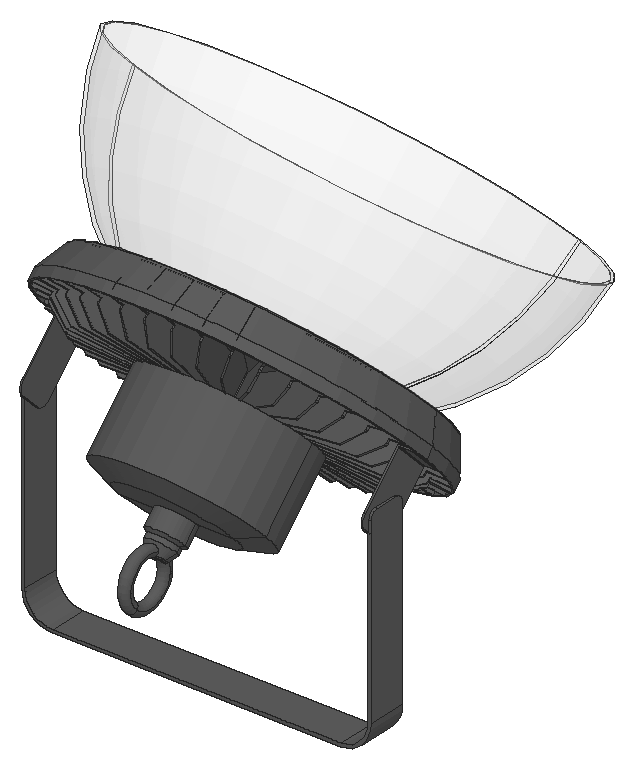
Revit family "0039352+0039355+0039361 Feilo Sylvania Lighting Fixture START HIGHBAY 6K 26KLM WIDE with BRACKET and PC LAMPSHADE TRANSPARENT", category Lighting Fixtures, host Face, Revit 2017 (continued)
Definition of nested family "Start LED Highbay Head"
  Dimensions and locks
    "RHRadius2_FEILO": plane 3 "Center (Left/Right)" to plane 32
    "RHHeight3_FEILO": plane 31 to plane 33
    "RHHeight4_FEILO": plane 33 to plane 34
    "RHRadius3_FEILO": plane 3 "Center (Left/Right)" to plane 35
    "RHHeight1_FEILO": plane 28 to plane 30
    "EyeInner_FEILO": plane 34 to plane 36
    "EyeInner_FEILO": plane 36 to plane 37
    equal spacing: plane 38, plane 3 "Center (Left/Right)", plane 39
    "EyeThickness_FEILO": plane 38 to plane 39
    "EyeThickness_FEILO": plane 37 to plane 40
    equal spacing: plane 37, plane 41, plane 40
    equal spacing: plane 6, plane 42, plane 18
    "ThicknessBracket_FEILO": plane 45 to plane 6
    "ThicknessBracket_FEILO": plane 8 to plane 44
    locked: plane 43 to plane 18 at 1
    equal spacing: plane 24, plane 46, plane 26
    equal spacing: plane 47, plane 1 "Center (Front/Back)", plane 48
    "WidthBracket_FEILO": plane 47 to plane 48
    "WidthRingChamfer_FEILO": plane 50 to plane 49
    "ThicknessWall_FEILO": plane 51 to plane 49
    equal spacing: plane 50, plane 52, plane 51
    "ThicknessBracket_FEILO": plane 54 to plane 50
    locked: plane 53 to plane 51 at 1
    "Radius_FEILO": plane 49 to plane 3 "Center (Left/Right)"
    "ShadeRadiusOut_FEILO": plane 3 "Center (Left/Right)" to plane 55
    "ShadeHeight_FEILO": plane 56 to plane 4
    "ShadeRadiusIn_FEILO": plane 3 "Center (Left/Right)" to plane 57
    locked: plane 58 to plane 57 at 8
    "ShadeThickness_FEILO": plane 60 to plane 4
    "ShadeThickness_FEILO": plane 59 to plane 55
    "EyeThicknessHalf_FEILO": radius of curve 8
    "ThicknessBracket_FEILO": radius of Extrusion 7 sketch curve  (x2)
    "ThicknessBracketHalf_FEILO": radius of Extrusion 7 sketch curve  (x2)
    "ShadeRadiusBend_FEILO": radius of curve 9
    aligned and locked: plane 2 to Extrusion 1
    aligned and locked: level to Extrusion 1
    aligned and locked: plane 5 to curve 1
    aligned and locked: plane 6 to curve 1
    aligned and locked: plane 7 to curve 1
    aligned and locked: plane 10 to curve 2
    aligned and locked: plane 9 to curve 3
    aligned and locked: plane 4 to curve 3
    aligned and locked: plane 11 to curve 3
    aligned and locked: plane 4 to curve 4
    aligned and locked: plane 18 to curve 5
    aligned and locked: plane 10 to curve 5
    aligned and locked: Revolve 2 sketch curve to plane 3 "Center (Left/Right)"
    aligned and locked: Revolve 2 sketch curve to curve 3
    aligned and locked: Revolve 2 sketch curve to curve 1
    aligned and locked: plane 4 to Revolve 2 sketch curve
    aligned and locked: plane 9 to Revolve 2 sketch curve
    aligned and locked: Revolve 2 sketch curve to plane 13
    aligned and locked: Revolve 2 sketch curve to plane 10
    aligned and locked: plane 13 to Revolve 2 sketch curve
    aligned and locked: plane 10 to Revolve 2 sketch curve
    aligned and locked: Revolve 2 sketch curve to plane 18
    aligned and locked: Revolve 2 sketch curve to plane 8
    aligned and locked: plane 5 to Revolve 2 sketch curve  (x2)
    aligned and locked: Revolve 3 sketch curve to plane 3 "Center (Left/Right)"
    aligned and locked: plane 11 to Revolve 3 sketch curve
    aligned and locked: Revolve 3 sketch curve to curve 2
    aligned and locked: plane 15 to Revolve 3 sketch curve
    aligned and locked: Revolve 3 sketch curve to plane 16
    aligned and locked: plane 17 to Revolve 3 sketch curve  (x2)
    aligned and locked: Revolve 3 sketch curve to plane 12
    aligned and locked: plane 7 to Revolve 3 sketch curve
    aligned and locked: Revolve 4 sketch curve to plane 3 "Center (Left/Right)"
    aligned and locked: Revolve 4 sketch curve to plane 14
    aligned and locked: plane 3 "Center (Left/Right)" to Revolve 4 sketch curve
    aligned and locked: Revolve 4 sketch curve to plane 12
    aligned and locked: plane 15 to Revolve 4 sketch curve
    aligned and locked: Revolve 2 sketch curve to curve 5
    aligned and locked: plane 22 to curve 6
    aligned and locked: plane 21 to curve 6
    aligned and locked: plane 20 to curve 6
    aligned and locked: plane 19 to curve 6
    aligned and locked: plane 33 to curve 7
    aligned and locked: plane 32 to curve 7
    aligned and locked: plane 35 to curve 7
    aligned and locked: plane 34 to curve 7
    aligned and locked: Revolve 5 sketch curve to plane 3 "Center (Left/Right)"
    aligned and locked: Revolve 5 sketch curve to plane 25
    aligned and locked: plane 27 to Revolve 5 sketch curve
    aligned and locked: plane 28 to Revolve 5 sketch curve
    aligned and locked: plane 30 to Revolve 5 sketch curve
    aligned and locked: Revolve 5 sketch curve to plane 29
    aligned and locked: plane 31 to Revolve 5 sketch curve
    aligned and locked: Revolve 5 sketch curve to curve 7
    aligned and locked: Revolve 5 sketch curve to plane 32
    aligned and locked: plane 34 to Revolve 5 sketch curve
    aligned and locked: plane 3 "Center (Left/Right)" to Revolve 5 sketch curve
    aligned and locked: plane 3 "Center (Left/Right)" to curve 8
    aligned and locked: plane 41 to curve 8
    aligned and locked: Revolve 6 sketch curve to plane 36
    aligned and locked: Revolve 6 sketch curve to curve 8
    aligned and locked: plane 43 to Extrusion 7 sketch curve  (x2)
    aligned and locked: plane 8 to Extrusion 7 sketch curve  (x3)
    aligned and locked: Extrusion 7 sketch curve to plane 45
    aligned and locked: Extrusion 7 sketch curve to plane 46  (x2)
    aligned and locked: plane 6 to Extrusion 7 sketch curve
    aligned and locked: Extrusion 7 sketch curve to plane 44  (x2)
    aligned and locked: Extrusion 7 to plane 48
    aligned and locked: plane 47 to Extrusion 7
    aligned and locked: plane 53 to Extrusion 7 sketch curve
    aligned and locked: plane 50 to Extrusion 7 sketch curve
    aligned and locked: Extrusion 7 sketch curve to plane 54
    aligned and locked: Extrusion 8 sketch curve to Extrusion 8 sketch curve
    aligned and locked: Extrusion 8 to plane 6
    aligned and locked: Extrusion 8 to Extrusion 7
    aligned and locked: Revolve 5 sketch curve to plane 22
    aligned and locked: plane 23 to nested 1
    aligned and locked: plane 1 "Center (Front/Back)" to nested 1
    aligned and locked: Revolve 9 sketch curve to plane 3 "Center (Left/Right)"
    aligned and locked: Revolve 9 sketch curve to plane 4
    aligned and locked: plane 6 to Revolve 9 sketch curve
    aligned and locked: plane 4 to Revolve 9 sketch curve
    aligned and locked: plane 7 to Revolve 9 sketch curve
    aligned and locked: Revolve 9 sketch curve to plane 5
    aligned and locked: plane 8 to Revolve 9 sketch curve  (x2)
    aligned and locked: Revolve 9 sketch curve to plane 19
    aligned and locked: plane 20 to Revolve 9 sketch curve
    aligned and locked: plane 19 to Revolve 9 sketch curve
    aligned and locked: plane 21 to Revolve 9 sketch curve
    aligned and locked: plane 22 to Revolve 9 sketch curve  (x2)
    aligned and locked: Revolve 9 sketch curve to Revolve 9 sketch curve
    aligned and locked: imposter light to plane 4
    aligned and locked: plane 3 "Center (Left/Right)" to imposter light
    aligned and locked: imposter light to plane 1 "Center (Front/Back)"
    aligned and locked: plane 55 to curve 9
    aligned and locked: plane 56 to curve 9
    aligned and locked: plane 57 to curve 9
    aligned and locked: plane 4 to curve 9
    aligned and locked: Revolve 10 sketch curve to curve 9
    aligned and locked: plane 58 to Revolve 10 sketch curve
    aligned and locked: plane 57 to Revolve 10 sketch curve
    aligned and locked: plane 56 to Revolve 10 sketch curve  (x2)
    aligned and locked: Revolve 10 sketch curve to plane 58
    aligned and locked: plane 60 to Revolve 10 sketch curve
  Automatic sketch dimensions
    Extrusion 1 sketch curve to Extrusion 1 sketch curve = 2438.4 mm  (x2)
    Revolve 2 sketch curve to plane 6 = 0.299 mm
    plane 6 to Revolve 2 sketch curve = 0.459 mm
    Revolve 2 sketch curve to level = 609.6 mm
    Revolve 2 sketch curve to Revolve 2 sketch curve = 2312.223 mm
    Revolve 3 sketch curve to plane 12 = 0 mm
    Revolve 3 sketch curve to plane 3 "Center (Left/Right)" = 0 mm
    Revolve 3 sketch curve to level = 609.6 mm
    Revolve 3 sketch curve to plane 4 = 2339.058 mm
    Revolve 4 sketch curve to level = 609.6 mm
    Revolve 4 sketch curve to plane 4 = 2339.058 mm
    Revolve 6 sketch curve to plane 5 = 1080 mm
    plane 38 to Revolve 6 sketch curve = 1219.2 mm
    Extrusion 8 sketch curve to plane 47 = 0 mm
    plane 46 to Extrusion 8 sketch curve = 0 mm  (x2)
    Extrusion 8 sketch curve to plane 48 = 0 mm
    plane 47 to Extrusion 8 sketch curve = 5 mm
    plane 1 "Center (Front/Back)" to Extrusion 8 sketch curve = 10 mm
    Extrusion 8 sketch curve to Extrusion 8 sketch curve = 10 mm
    plane 46 to Extrusion 8 sketch curve = 5 mm
    Extrusion 8 sketch curve to Extrusion 8 sketch curve = 5 mm
    Extrusion 8 sketch curve to plane 48 = 5 mm
    Revolve 5 sketch curve to plane 26 = 0 mm
    Revolve 5 sketch curve to plane 35 = 0.437 mm
    plane 35 to Revolve 5 sketch curve = 0.847 mm
    Revolve 5 sketch curve to plane 34 = 0.726 mm
    plane 40 to Revolve 5 sketch curve = 590.2 mm
    Revolve 5 sketch curve to plane 4 = 2339.058 mm
    Revolve 9 sketch curve to level = 609.6 mm
    Revolve 9 sketch curve to Revolve 9 sketch curve = 2386.058 mm
    curve 2 to plane 3 "Center (Left/Right)" = 0 mm
    Revolve 10 sketch curve to Revolve 10 sketch curve = 0 mm  (x2)
    Revolve 10 sketch curve to plane 3 "Center (Left/Right)" = 0 mm
    plane 57 to Revolve 10 sketch curve = 0.659 mm
    Revolve 10 sketch curve to level = 609.6 mm
    Revolve 10 sketch curve to Revolve 10 sketch curve = 2068.248 mm
  Nested families
    nested 1: "Start Highbay Rib" at (0, 0, 67.775), type "Type Name", detail levels medium+fine
      with SuspensionHeight_FEILO 2.6 mm
    nested 2: "Start Highbay Rib" at (0, 0, 67.775) x (0.9877, 0.1564, 0) z (0, 0, 1), type "Type Name", detail levels medium+fine
      with SuspensionHeight_FEILO 2.6 mm
    nested 3: "Start Highbay Rib" at (0, 0, 67.775) x (0.9511, 0.309, 0) z (0, 0, 1), type "Type Name", detail levels medium+fine
      with SuspensionHeight_FEILO 2.6 mm
    nested 4: "Start Highbay Rib" at (0, 0, 67.775) x (0.891, 0.454, 0) z (0, 0, 1), type "Type Name", detail levels medium+fine
      with SuspensionHeight_FEILO 2.6 mm
    nested 5: "Start Highbay Rib" at (0, 0, 67.775) x (0.809, 0.5878, 0) z (0, 0, 1), type "Type Name", detail levels medium+fine
      with SuspensionHeight_FEILO 2.6 mm
    nested 6: "Start Highbay Rib" at (0, 0, 67.775) x (0.7071, 0.7071, 0) z (0, 0, 1), type "Type Name", detail levels medium+fine
      with SuspensionHeight_FEILO 2.6 mm
    nested 7: "Start Highbay Rib" at (0, 0, 67.775) x (0.5878, 0.809, 0) z (0, 0, 1), type "Type Name", detail levels medium+fine
      with SuspensionHeight_FEILO 2.6 mm
    nested 8: "Start Highbay Rib" at (0, 0, 67.775) x (0.454, 0.891, 0) z (0, 0, 1), type "Type Name", detail levels medium+fine
      with SuspensionHeight_FEILO 2.6 mm
    nested 9: "Start Highbay Rib" at (0, 0, 67.775) x (0.309, 0.9511, 0) z (0, 0, 1), type "Type Name", detail levels medium+fine
      with SuspensionHeight_FEILO 2.6 mm
    nested 10: "Start Highbay Rib" at (0, 0, 67.775) x (0.1564, 0.9877, 0) z (0, 0, 1), type "Type Name", detail levels medium+fine
      with SuspensionHeight_FEILO 2.6 mm
    nested 11: "Start Highbay Rib" at (0, 0, 67.775) x (0, 1, 0) z (0, 0, 1), type "Type Name", detail levels medium+fine
      with SuspensionHeight_FEILO 2.6 mm
    nested 12: "Start Highbay Rib" at (0, 0, 67.775) x (-0.1564, 0.9877, 0) z (0, 0, 1), type "Type Name", detail levels medium+fine
      with SuspensionHeight_FEILO 2.6 mm
    nested 13: "Start Highbay Rib" at (0, 0, 67.775) x (-0.309, 0.9511, 0) z (0, 0, 1), type "Type Name", detail levels medium+fine
      with SuspensionHeight_FEILO 2.6 mm
    nested 14: "Start Highbay Rib" at (0, 0, 67.775) x (-0.454, 0.891, 0) z (0, 0, 1), type "Type Name", detail levels medium+fine
      with SuspensionHeight_FEILO 2.6 mm
    nested 15: "Start Highbay Rib" at (0, 0, 67.775) x (-0.5878, 0.809, 0) z (0, 0, 1), type "Type Name", detail levels medium+fine
      with SuspensionHeight_FEILO 2.6 mm
    nested 16: "Start Highbay Rib" at (0, 0, 67.775) x (-0.7071, 0.7071, 0) z (0, 0, 1), type "Type Name", detail levels medium+fine
      with SuspensionHeight_FEILO 2.6 mm
    nested 17: "Start Highbay Rib" at (0, 0, 67.775) x (-0.809, 0.5878, 0) z (0, 0, 1), type "Type Name", detail levels medium+fine
      with SuspensionHeight_FEILO 2.6 mm
    nested 18: "Start Highbay Rib" at (0, 0, 67.775) x (-0.891, 0.454, 0) z (0, 0, 1), type "Type Name", detail levels medium+fine
      with SuspensionHeight_FEILO 2.6 mm
    nested 19: "Start Highbay Rib" at (0, 0, 67.775) x (-0.9511, 0.309, 0) z (0, 0, 1), type "Type Name", detail levels medium+fine
      with SuspensionHeight_FEILO 2.6 mm
    nested 20: "Start Highbay Rib" at (0, 0, 67.775) x (-0.9877, 0.1564, 0) z (0, 0, 1), type "Type Name", detail levels medium+fine
      with SuspensionHeight_FEILO 2.6 mm
    nested 21: "Start Highbay Rib" at (0, 0, 67.775) x (-1, 0, 0) z (0, 0, 1), type "Type Name", detail levels medium+fine
      with SuspensionHeight_FEILO 2.6 mm
    nested 22: "Start Highbay Rib" at (0, 0, 67.775) x (-0.9877, -0.1564, 0) z (0, 0, 1), type "Type Name", detail levels medium+fine
      with SuspensionHeight_FEILO 2.6 mm
    nested 23: "Start Highbay Rib" at (0, 0, 67.775) x (-0.9511, -0.309, 0) z (0, 0, 1), type "Type Name", detail levels medium+fine
      with SuspensionHeight_FEILO 2.6 mm
    nested 24: "Start Highbay Rib" at (0, 0, 67.775) x (-0.891, -0.454, 0) z (0, 0, 1), type "Type Name", detail levels medium+fine
      with SuspensionHeight_FEILO 2.6 mm
    nested 25: "Start Highbay Rib" at (0, 0, 67.775) x (-0.809, -0.5878, 0) z (0, 0, 1), type "Type Name", detail levels medium+fine
      with SuspensionHeight_FEILO 2.6 mm
    nested 26: "Start Highbay Rib" at (0, 0, 67.775) x (-0.7071, -0.7071, 0) z (0, 0, 1), type "Type Name", detail levels medium+fine
      with SuspensionHeight_FEILO 2.6 mm
    nested 27: "Start Highbay Rib" at (0, 0, 67.775) x (-0.5878, -0.809, 0) z (0, 0, 1), type "Type Name", detail levels medium+fine
      with SuspensionHeight_FEILO 2.6 mm
    nested 28: "Start Highbay Rib" at (0, 0, 67.775) x (-0.454, -0.891, 0) z (0, 0, 1), type "Type Name", detail levels medium+fine
      with SuspensionHeight_FEILO 2.6 mm
    nested 29: "Start Highbay Rib" at (0, 0, 67.775) x (-0.309, -0.9511, 0) z (0, 0, 1), type "Type Name", detail levels medium+fine
      with SuspensionHeight_FEILO 2.6 mm
    nested 30: "Start Highbay Rib" at (0, 0, 67.775) x (-0.1564, -0.9877, 0) z (0, 0, 1), type "Type Name", detail levels medium+fine
      with SuspensionHeight_FEILO 2.6 mm
    nested 31: "Start Highbay Rib" at (0, 0, 67.775) x (0, -1, 0) z (0, 0, 1), type "Type Name", detail levels medium+fine
      with SuspensionHeight_FEILO 2.6 mm
    nested 32: "Start Highbay Rib" at (0, 0, 67.775) x (0.1564, -0.9877, 0) z (0, 0, 1), type "Type Name", detail levels medium+fine
      with SuspensionHeight_FEILO 2.6 mm
    nested 33: "Start Highbay Rib" at (0, 0, 67.775) x (0.309, -0.9511, 0) z (0, 0, 1), type "Type Name", detail levels medium+fine
      with SuspensionHeight_FEILO 2.6 mm
    nested 34: "Start Highbay Rib" at (0, 0, 67.775) x (0.454, -0.891, 0) z (0, 0, 1), type "Type Name", detail levels medium+fine
      with SuspensionHeight_FEILO 2.6 mm
    nested 35: "Start Highbay Rib" at (0, 0, 67.775) x (0.5878, -0.809, 0) z (0, 0, 1), type "Type Name", detail levels medium+fine
      with SuspensionHeight_FEILO 2.6 mm
    nested 36: "Start Highbay Rib" at (0, 0, 67.775) x (0.7071, -0.7071, 0) z (0, 0, 1), type "Type Name", detail levels medium+fine
      with SuspensionHeight_FEILO 2.6 mm
    nested 37: "Start Highbay Rib" at (0, 0, 67.775) x (0.809, -0.5878, 0) z (0, 0, 1), type "Type Name", detail levels medium+fine
      with SuspensionHeight_FEILO 2.6 mm
    nested 38: "Start Highbay Rib" at (0, 0, 67.775) x (0.891, -0.454, 0) z (0, 0, 1), type "Type Name", detail levels medium+fine
      with SuspensionHeight_FEILO 2.6 mm
    nested 39: "Start Highbay Rib" at (0, 0, 67.775) x (0.9511, -0.309, 0) z (0, 0, 1), type "Type Name", detail levels medium+fine
      with SuspensionHeight_FEILO 2.6 mm
    nested 40: "Start Highbay Rib" at (0, 0, 67.775) x (0.9877, -0.1564, 0) z (0, 0, 1), type "Type Name", detail levels medium+fine
      with SuspensionHeight_FEILO 2.6 mm
  Definition of nested family "Start Highbay Rib"
    Parameters (values of type "Type Name")
      WidthStraight_FEILO = if(SizeS_FEILO, 3 mm, if(SizeM_FEILO, 4 mm, 4.7 mm))  # 3 mm
      WidthRingChamfer_FEILO = if(SizeS_FEILO, 10.3 mm, if(SizeM_FEILO, 11.2 mm, 12.9 mm))  # 10.3 mm
      WidthCurved_FEILO = if(SizeS_FEILO, 17.4 mm, if(SizeM_FEILO, 16.4 mm, 26.2 mm))  # 17.4 mm
      WidthCurvedRing_FEILO = if(SizeS_FEILO, 3 mm, if(SizeM_FEILO, 4 mm, 4.7 mm))  # 3 mm
      WidthBracket_FEILO = 40 mm
      URL = "http://www.feilosylvania.com"
      Type Image = (empty or 0)
      Type Comments = "n/a"
      ThicknessWall_FEILO = 1.5 mm
      ThicknessBracket_FEILO = 1.5 mm
      ThicknessBracketHalf_FEILO = ThicknessBracket_FEILO / 2  # 0.75 mm
      SuspensionHeight_FEILO [instance] = 2.6 mm
      SizeS_FEILO = yes
      SizeM_FEILO = no
      Rib4_FEILO = if(SizeS_FEILO, 18.1 mm, if(SizeM_FEILO, 13.6 mm, 14.6 mm))  # 18.1 mm
      Rib3_FEILO = if(SizeS_FEILO, 15.3 mm, if(SizeM_FEILO, 17.6 mm, 20.2 mm))  # 15.3 mm
      Rib2_FEILO = if(SizeS_FEILO, 3.6 mm, if(SizeM_FEILO, 3.9 mm, 4.5 mm))  # 3.6 mm
      Rib1_FEILO = if(SizeS_FEILO, 15.1 mm, if(SizeM_FEILO, 16.5 mm, 19 mm))  # 15.1 mm
      RadiusRib_FEILO = 2 mm
      RadiusDiffuser_FEILO = if(SizeS_FEILO, 95.2 mm, if(SizeM_FEILO, 105.3 mm, 120 mm))  # 95.2 mm
      RHRadius3_FEILO = if(SizeS_FEILO, 6.6 mm, if(SizeM_FEILO, 7.4 mm, 8.6 mm))  # 6.6 mm
      RHRadius2_FEILO = if(SizeS_FEILO, 11 mm, if(SizeM_FEILO, 12 mm, 14 mm))  # 11 mm
      RHRadius1_FEILO = if(SizeS_FEILO, 13.6 mm, if(SizeM_FEILO, 14.9 mm, 17.7 mm))  # 13.6 mm
      RHHeight4_FEILO = if(SizeS_FEILO, 7.3 mm, if(SizeM_FEILO, 8 mm, 9.2 mm))  # 7.3 mm
      RHHeight3_FEILO = if(SizeS_FEILO, 3.6 mm, if(SizeM_FEILO, 3.7 mm, 4.6 mm))  # 3.6 mm
      RHHeight2_FEILO = if(SizeS_FEILO, 2 mm, if(SizeM_FEILO, 2.2 mm, 2.6 mm))  # 2 mm
      RHHeight1_FEILO = if(SizeS_FEILO, 11.8 mm, if(SizeM_FEILO, 15.3 mm, 17.4 mm))  # 11.8 mm
      Material_3_FEILO = none
      Model = ""
      Manufacturer = "Feilo Sylvania"
      Keynote = "16500"
      HeightRing_FEILO = if(SizeS_FEILO, 19.8 mm, if(SizeM_FEILO, 32 mm, 36.8 mm))  # 19.8 mm
      HeightRingChamfer_FEILO = if(SizeS_FEILO, 11.7 mm, if(SizeM_FEILO, 23.2 mm, 26.6 mm))  # 11.7 mm
      EyeThickness_FEILO = if(SizeS_FEILO, 8.4 mm, if(SizeM_FEILO, 9.2 mm, 10.5 mm))  # 8.4 mm
      EyeThicknessHalf_FEILO = EyeThickness_FEILO / 2  # 4.2 mm
      EyeInner_FEILO = if(SizeS_FEILO, 13.8 mm, if(SizeM_FEILO, 15.1 mm, 17.3 mm))  # 13.8 mm
      DriverVerticalStraight_FEILO = if(SizeS_FEILO, 46.5 mm, if(SizeM_FEILO, 49.7 mm, 57 mm))  # 46.5 mm
      DriverVerticalChamfer_FEILO = if(SizeS_FEILO, 7.5 mm, if(SizeM_FEILO, 8.2 mm, 9.5 mm))  # 7.5 mm
      DriverRadius_FEILO = if(SizeS_FEILO, 61.4 mm, if(SizeM_FEILO, 67.2 mm, 76.4 mm))  # 61.4 mm
      DriverRadiusTop_FEILO = if(SizeS_FEILO, 42 mm, if(SizeM_FEILO, 45.3 mm, 52.4 mm))  # 42 mm
      DriverBottom_FEILO = if(SizeS_FEILO, 56 mm, if(SizeM_FEILO, 64.5 mm, 74 mm))  # 56 mm
      Material_2_FEILO = none
      Radius_FEILO = if(SizeS_FEILO, 135 mm, if(SizeM_FEILO, 148 mm, 169.5 mm))  # 135 mm
      Description = ""
      Default Elevation = 1219.2 mm
      Cost = 0
      Material_1_FEILO = none
      Assembly Code = "D5020200"
      Material_4_FEILO = none
    Reference planes
      plane 1 "Center (Front/Back)": y = 0
      plane 2: z = 0
      plane 3 "Center (Left/Right)": x = 0
      plane 4: z = 2.6
      plane 5: x = -135
      plane 6: x = -124.7
      plane 7: z = -9.1
      plane 8: z = -17.2
      plane 9: x = -121.7
      plane 10: z = -0.025
      plane 11: x = -104.3
      plane 12: x = -95.2
      plane 13: x = -118.7
      plane 14: z = 0.975
      plane 15: z = -1.025
      plane 16: x = -92.2
      plane 17: z = -2.025
      plane 18: x = -133.5
      plane 19: x = -119.9
      plane 20: z = -20.8
      plane 21: x = -104.6
      plane 22: z = -38.9
      plane 23: x = -20
      plane 24: z = -53.4
      plane 25: x = -61.4
      plane 26: z = -99.9
      plane 27: x = -42
      plane 28: z = -107.4
      plane 29: x = -13.6
      plane 30: z = -119.2
      plane 31: z = -121.2
      plane 32: x = -11
      plane 33: z = -124.8
      plane 34: z = -132.1
      plane 35: x = -6.6
      plane 36: z = -145.9
      plane 37: z = -159.7
      plane 38: x = 4.2
      plane 39: x = -4.2
      plane 40: z = -168.1
      plane 41: z = -163.9
      plane 42: x = -129.1
      plane 43: x = -132.5
      plane 44: z = -18.7
      plane 45: x = -123.2
      plane 46: z = -76.65
      plane 47: y = -20
      plane 48: y = 20
      plane 49: x = 135
      plane 50: x = 124.7
      plane 51: x = 133.5
      plane 52: x = 129.1
      plane 53: x = 132.5
      plane 54: x = 123.2
      plane 55: y = 0.75
      plane 56: y = -0.75
    Forms (mm)
      Extrusion 1, solid
        sketch origin (4.2, 0, 0) x (1, 0, 0) y (0, 1, 0)
          loop
            line (-1219.2, 1219.2) -> (-1219.2, -1219.2) -> (1219.2, -1219.2) -> (1219.2, 1219.2) -> (-1219.2, 1219.2)
        from 0 to -68.017
      Extrusion 2, solid, material <- "Material_1_FEILO"
        sketch origin (0, 0, 0) x (1, 0, 0) y (0, 0, 1)
          loop
            arc (-104.3, -0.025) -> (-111.555, 0.423) -> (-118.7, 1.76) r 58.981
            line (-118.7, 1.76) -> (-118.7, -0.025) -> (-125.012, -0.025) -> (-133.5, -9.666) -> (-133.5, -17.2) -> (-119.9, -17.2) -> (-119.9, -20.068)
            arc (-119.9, -20.068) -> (-119.778, -20.755) -> (-119.427, -21.359) r 2
            line (-119.427, -21.359) -> (-104.966, -38.467)
            arc (-104.966, -38.467) -> (-104.381, -38.789) -> (-103.723, -38.9) r 2
            line (-103.723, -38.9) -> (-20, -38.9) -> (-20, -9.1) -> (-95.2, -9.1) -> (-95.2, -2.025) -> (-104.3, -2.025) -> (-104.3, -0.025)
        from -0.75 to 0.75
    Lines and regions (mm)
      reference lines
        curve 1: line (-135, 0, -9.1) -> (-124.7, 0, 2.6)
        curve 2: line (-104.3, 0, -0.025) -> (0, 0, -0.025)
        curve 3: arc (-104.3, 0, -0.025) -> (-113.098, 0, 0.635) -> (-121.7, 0, 2.6) r 58.981
        curve 4: line (-124.7, 0, 2.6) -> (-121.7, 0, 2.6)
        curve 5: line (-125.012, 0, -0.025) -> (-133.5, 0, -9.666)
        curve 6: line (-119.9, 0, -20.8) -> (-104.6, 0, -38.9)
    Dimensions and locks
      "Radius_FEILO": plane 3 "Center (Left/Right)" to plane 5
      "WidthRingChamfer_FEILO": plane 6 to plane 5
      "WidthStraight_FEILO": plane 9 to plane 6
      "WidthCurvedRing_FEILO": plane 13 to plane 9
      locked: plane 10 to plane 15 at 1
      locked: plane 14 to plane 10 at 1
      locked: plane 4 to plane 10 at 2.625
      locked: plane 15 to plane 17 at 1
      "ThicknessWall_FEILO": plane 18 to plane 5
      "ThicknessWall_FEILO": curve 5 to curve 1
      "HeightRingChamfer_FEILO": plane 4 to plane 7
      "HeightRing_FEILO": plane 4 to plane 8
      "RadiusDiffuser_FEILO": plane 3 "Center (Left/Right)" to plane 12
      locked: plane 16 to plane 12 at 3
      "WidthCurved_FEILO": plane 11 to plane 9
      "SuspensionHeight_FEILO": plane 4 to plane 2
      "Rib1_FEILO": plane 19 to plane 5
      "Rib2_FEILO": plane 8 to plane 20
      "Rib3_FEILO": plane 21 to plane 19
      "Rib4_FEILO": plane 20 to plane 22
      locked: plane 3 "Center (Left/Right)" to plane 23 at 20
      "DriverBottom_FEILO": plane 4 to plane 24
      "DriverRadius_FEILO": plane 3 "Center (Left/Right)" to plane 25
      "DriverVerticalStraight_FEILO": plane 24 to plane 26
      "DriverRadiusTop_FEILO": plane 3 "Center (Left/Right)" to plane 27
      "DriverVerticalChamfer_FEILO": plane 26 to plane 28
      "RHRadius1_FEILO": plane 3 "Center (Left/Right)" to plane 29
      "RHHeight2_FEILO": plane 30 to plane 31
      "RHRadius2_FEILO": plane 3 "Center (Left/Right)" to plane 32
      "RHHeight3_FEILO": plane 31 to plane 33
      "RHHeight4_FEILO": plane 33 to plane 34
      "RHRadius3_FEILO": plane 3 "Center (Left/Right)" to plane 35
      "RHHeight1_FEILO": plane 28 to plane 30
      "EyeInner_FEILO": plane 34 to plane 36
      "EyeInner_FEILO": plane 36 to plane 37
      equal spacing: plane 38, plane 3 "Center (Left/Right)", plane 39
      "EyeThickness_FEILO": plane 38 to plane 39
      "EyeThickness_FEILO": plane 37 to plane 40
      equal spacing: plane 37, plane 41, plane 40
      equal spacing: plane 6, plane 42, plane 18
      "ThicknessBracket_FEILO": plane 45 to plane 6
      "ThicknessBracket_FEILO": plane 8 to plane 44
      locked: plane 43 to plane 18 at 1
      equal spacing: plane 24, plane 46, plane 26
      equal spacing: plane 47, plane 1 "Center (Front/Back)", plane 48
      "WidthBracket_FEILO": plane 47 to plane 48
      "WidthRingChamfer_FEILO": plane 50 to plane 49
      "ThicknessWall_FEILO": plane 51 to plane 49
      equal spacing: plane 50, plane 52, plane 51
      "ThicknessBracket_FEILO": plane 54 to plane 50
      locked: plane 53 to plane 51 at 1
      "Radius_FEILO": plane 49 to plane 3 "Center (Left/Right)"
      equal spacing: plane 56, plane 1 "Center (Front/Back)", plane 55
      "ThicknessWall_FEILO": plane 56 to plane 55
      "RadiusRib_FEILO": radius of Extrusion 2 sketch curve  (x2)
      aligned and locked: plane 2 to Extrusion 1
      aligned and locked: level to Extrusion 1
      aligned and locked: plane 5 to curve 1
      aligned and locked: plane 6 to curve 1
      aligned and locked: plane 7 to curve 1
      aligned and locked: plane 10 to curve 2
      aligned and locked: plane 9 to curve 3
      aligned and locked: plane 4 to curve 3
      aligned and locked: plane 11 to curve 3
      aligned and locked: plane 4 to curve 4
      aligned and locked: plane 18 to curve 5
      aligned and locked: plane 10 to curve 5
      aligned and locked: plane 22 to curve 6
      aligned and locked: plane 21 to curve 6
      aligned and locked: plane 20 to curve 6
      aligned and locked: plane 19 to curve 6
      aligned and locked: Extrusion 2 sketch curve to plane 23
      aligned and locked: Extrusion 2 sketch curve to plane 22
      aligned and locked: Extrusion 2 sketch curve to curve 6
      aligned and locked: plane 19 to Extrusion 2 sketch curve
      aligned and locked: Extrusion 2 sketch curve to plane 8
      aligned and locked: Extrusion 2 sketch curve to curve 5
      aligned and locked: Extrusion 2 sketch curve to curve 3
      aligned and locked: Extrusion 2 to plane 55
      aligned and locked: plane 56 to Extrusion 2
      aligned and locked: curve 6 to Extrusion 2 sketch curve
    Automatic sketch dimensions
      Extrusion 1 sketch curve to Extrusion 1 sketch curve = 2438.4 mm  (x2)
      curve 2 to plane 3 "Center (Left/Right)" = 0 mm
      Extrusion 2 sketch curve to plane 18 = 0 mm
      Extrusion 2 sketch curve to plane 10 = 0 mm
      Extrusion 2 sketch curve to plane 13 = 0 mm
      Extrusion 2 sketch curve to plane 7 = 0 mm
      Extrusion 2 sketch curve to plane 12 = 0 mm
      Extrusion 2 sketch curve to plane 17 = 0 mm
      plane 19 to Extrusion 2 sketch curve = 0.473 mm
      Extrusion 2 sketch curve to plane 21 = 0.366 mm
